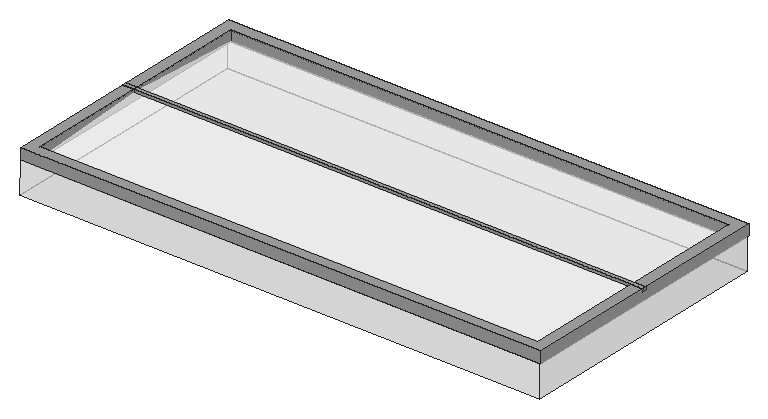
Revit family "VSY12", category Lighting Fixtures, host Face, Revit 2014
Parameters (values of type "VSY12")
  zz Length = Row Length - 1"  # 23"
  Width = 12"
  Wattage = 30 W
  Warranty = "Five-year warranty"  # constant formula
  built-in parameter 1150110 = 1 (stored number, unit not read)
  Voltage = 120 V
  Wattage Comments = "11-33W"  # constant formula
  URL = "https://www.hubbell.com/columbialighting/en/"
  built-in parameter 1114217 = 1 (stored number, unit not read)
  Tilt Angle = -90.00°
  built-in parameter 1150109 = 1 (stored number, unit not read)
  built-in parameter 1150134 = 3
  built-in parameter 1150113 = 1 (stored number, unit not read)
  Product Link = "https://www.hubbell.com/hubbelllightingci/en/Products/Lighting-Controls/Commercial-Indoor-Lighting/Recessed-Linear-Troffers/Versify-Architectural-Edge-Lit/p/3788218"
  Product Documentation Link = "https://hubbellcdn.com/specsheet/COL_VSY12_spec.pdf"
  Photometric Web File = "VSY12-30HLHE-EDU.ies"
  built-in parameter 1150142 = "IESNA:LM-63-1995\r\n[TEST] 23437\r\n[DATE] 6/6/2019\r\n[MANUFAC] COLUMBIA LIGHTING\r\n[LUMCAT] VSY12-30HLHE-EDU\r\n[LUMINAIRE] Versify™ Architectural Edge Lit, Recessed Architectural\r\n[MORE] 1' x 2' Led with acrylic diffuser\r\n[MORE] Data Scaled from Test# 19.00995\r\n[LAMPCAT] Led\r\n[BALLASTCAT] XI040C110V054BST1\r\n[BALLAST] EDU\r\n[_MOUNTING] Recessed\r\n[_BALLASTFACTOR] 1.00\r\n[_SHIELDING_ANGLE_0] 90\r\n[_SHIELDING_ANGLE_90] 90\r\nTILT=NONE\r\n1 -1 1.0 37 5 1 1 0.87 1.91 0.00\r\n1.00 1 26.50\r\n0.00 2.50 5.00 7.50 10.00 12.50 15.00 17.50 20.00 22.50 25.00 27.50 30.00 32.50\r\n35.00 37.50 40.00 42.50 45.00 47.50 50.00 52.50 55.00 57.50 60.00 62.50 65.00\r\n67.50 70.00 72.50 75.00 77.50 80.00 82.50 85.00 87.50 90.00\r\n0.00 22.50 45.00 67.50 90.00\r\n1336 1333 1329 1320 1308 1293 1275 1252 1226 1198 1165 1130 1092 1049 1005 960\r\n913 864 815 766 715 663 612 562 511 461 412 364 317 271 226 182 140 100 62 27 1\r\n1336 1333 1329 1320 1308 1293 1274 1252 1227 1198 1166 1131 1092 1051 1008 962\r\n915 867 817 768 717 665 613 562 511 460 409 359 311 264 218 173 131 90 52 18 0\r\n1336 1334 1330 1321 1309 1295 1277 1256 1231 1204 1173 1140 1102 1063 1020 975\r\n928 880 830 780 727 673 619 566 513 460 408 357 308 260 213 168 125 84 47 15 0\r\n1336 1335 1331 1323 1311 1297 1279 1258 1235 1209 1179 1146 1110 1071 1030 986\r\n939 890 839 787 734 680 625 569 515 461 408 355 305 256 208 162 119 78 39 12 0\r\n1336 1335 1331 1323 1312 1298 1280 1260 1236 1211 1182 1150 1116 1077 1037 993\r\n946 897 846 794 740 686 632 576 521 467 413 360 310 259 211 166 121 80 40 13 0\r\n"
  Model = "VSY12"  # constant formula
  Manufacturer = "Columbia Lighting"  # constant formula
  Row Length = 24"
  built-in parameter 1150105 = 334.23 (stored number, unit not read)
  Lumens = 4200 lm
  built-in parameter 1150115 = 1 (stored number, unit not read)
  Load Classification = Lighting
  built-in parameter 1150137 = (empty or 0)
  built-in parameter 1150139 = (empty or 0)
  built-in parameter 1150112 = 1 (stored number, unit not read)
  built-in parameter 1150114 = 1 (stored number, unit not read)
  Lamp = "LED lamp"  # constant formula
  Light Bulb = Hubbell - White Glass
  built-in parameter 1150132 = (empty or 0)
  built-in parameter 1150102 = (empty or 0)
  built-in parameter 1150107 = 3200 (stored number, unit not read)
  built-in parameter 1150138 = (empty or 0)
  built-in parameter 1150106 = 3.3423 (stored number, unit not read)
  Frame = Paint - Hubbell - Gray Smooth
  Features = "Architectural styling in an edge-lit luminaire\r\n• High efficiency acrylic lens featuring edge lit technology\r\n• Ideal for offices, schools, medical, and public spaces\r\n• Up to 140 lumens per watt\r\n• Stylish controls integration\r\n• 2inch overall depth, 2 1/4inch with emergency battery pack\r\n• Certified UL924 for fixtures with battery or DTS (Dimming Bypass\r\nModule) options"  # constant formula
  Emit from Rectangle Width = Width  # 12"
  Emit from Rectangle Length = Row Length  # 24"
  Emit Shape Visible in Rendering = no
  built-in parameter 1150104 = 13.006 (stored number, unit not read)
  Dimming Lamp Color Temperature Shift = <None>
  Description = "VERSIFY™ 1'X2' ARCHITECTURAL EDGE-LIT"  # constant formula
  Default Elevation = 48"
  Contact us = "https://www.hubbell.com/hubbelllightingci/en/contactUs"
  Color Filter = 16777215
  Certification = "IC label is standard for recessed products\r\n• All luminaires are built to UL1598 and\r\n2108 standards, and bear appropriate\r\ncCSAus labels\r\n• Damp Location label standard. Emergencyequipped fixtures labeled UL 924\r\n• Adheres to LM79, LM80, and TM21\r\nindustry standards"
  built-in parameter 1114218 = 1 (stored number, unit not read)
  Backbox = Hubbell - White
  built-in parameter 1150133 = 10 (stored number, unit not read)
  Apparent Load = 0 VA
Reference planes (in)
  plane 1 "Center (Front/Back)": y = 0.03999
  plane 2: z = 0
  plane 3 "Center (Left/Right)": x = 1.66944
  plane 4: x = -10.33056
  plane 5: x = 13.66944
  plane 6: z = -2
  plane 7: y = -5.96001
  plane 8: y = 6.03999
  plane 9: z = 0.125
Forms (in)
  Extrusion 1, void
    sketch origin (0, 0.03999, 0) x (1, 0, 0) y (0, 0, 1)
      loop
        line (-10.33056, 0) -> (-10.33056, -2) -> (13.66944, -2) -> (13.66944, 0) -> (-10.33056, 0)
    from -6 to 6
  Sweep 2, solid, material "Paint - Hubbell - Gray Smooth" <- "Frame"
    path origin (0, 0, 0) x (1, 0, 0) y (0, 1, 0)
      loop
        line (-10.33056, 6.03999) -> (-10.33056, -5.96001) -> (13.66944, -5.96001) -> (13.66944, 6.03999) -> (-10.33056, 6.03999)
    profile origin (1.66944, 6.03999, 0) x (0, 1, 0) y (0, 0, 1)
      loop
        line (0, 0) -> (-0.5, 0) -> (-0.5, -0.5) -> (0, -0.5) -> (0, 0)
  Sweep 3, solid, material "Paint - Hubbell - Gray Smooth" <- "Frame"
    path origin (0, 0, 0) x (1, 0, 0) y (0, 1, 0)
      loop
        line (-10.33056, 0.03999) -> (13.66944, 0.03999)
    profile origin (1.66944, 0.03999, 0) x (0, 1, 0) y (0, 0, 1)
      loop
        line (0.10955, 0) -> (-0.09422, 0) -> (-0.09422, -0.13468) -> (0.10955, -0.13468) -> (0.10955, 0)
  Extrusion 4, solid, material "Hubbell - White Glass" <- "Light Bulb"
    sketch origin (1.66944, 0, 0) x (0, 1, 0) y (0, 0, 1)
      loop
        line (6.03999, -2) -> (6.03999, -0.5) -> (0.14954, -0.13468) -> (-0.05423, -0.13468) -> (-5.96001, -0.5) -> (-5.96001, -2) -> (6.03999, -2)
    from -12 to 12
Dimensions and locks (in)
  equal spacing: plane 5, plane 3 "Center (Left/Right)", plane 4
  "Row Length": plane 5 to plane 4
  equal spacing: plane 7, plane 1 "Center (Front/Back)", plane 8
  "Width": plane 7 to plane 8
  plane 9 to plane 2 = 1/8"
  plane 9 to plane 6 = 2 1/8"
  plane 4 to plane 5 = 24"
  aligned and locked: plane 2 to host face
  aligned and locked: level to host face
  aligned and locked: Extrusion 1 sketch curve to level
  aligned and locked: plane 4 to Extrusion 1 sketch curve
  aligned and locked: Extrusion 1 sketch curve to plane 5
  aligned and locked: plane 6 to Extrusion 1 sketch curve
  aligned and locked: Extrusion 1 to plane 8
  aligned and locked: Extrusion 1 to plane 7
  aligned and locked: plane 8 to Sweep 2 sketch curve
  aligned and locked: plane 4 to Sweep 2 sketch curve
  aligned and locked: plane 7 to Sweep 2 sketch curve
  aligned and locked: Sweep 2 sketch curve to plane 5
  aligned and locked: Extrusion 4 to plane 4
  aligned and locked: plane 5 to Sweep 2
Automatic sketch dimensions
  host sketch curve to host sketch curve = 96"  (x2)
  Sweep 2 sketch curve to level = 0"
  Sweep 2 sketch curve to profile plane = 0"
  profile plane to Sweep 2 sketch curve = 1/2"
  Sweep 2 sketch curve to Sweep 2 sketch curve = 1/2"
  plane 1 "Center (Front/Back)" to Sweep 3 sketch curve = 0"
  Sweep 3 sketch curve to plane 4 = 0"
  Sweep 3 sketch curve to plane 5 = 0"
  Sweep 3 sketch curve to level = 0"
  profile plane to Sweep 3 sketch curve = 0.09422"
  Sweep 3 sketch curve to profile plane = 0.10955"
  Sweep 3 sketch curve to level = 0.13468"
  Extrusion 4 sketch curve to plane 7 = 0"
  Extrusion 4 sketch curve to plane 8 = 0"
  Extrusion 4 sketch curve to plane 6 = 0"
  plane 1 "Center (Front/Back)" to Extrusion 4 sketch curve = 0.09422"
  Extrusion 4 sketch curve to plane 1 "Center (Front/Back)" = 0.10955"
  Extrusion 4 sketch curve to level = 1/2"  (x2)
  Extrusion 4 sketch curve to level = 0.13468"
Connectors (in)
  electrical at (1.66944, 0.03999, -0.5)
    settings: on Sweep 2, index 1, voltage 0 V, apparent load 0 VA, apparent load phase1 0 VA, apparent load phase2 0 VA, apparent load phase3 0 VA, power factor 1, load classification "Other", number of poles 1, system type 30, power factor state 1, is connector primary yes, connector utility no, sub classification motor no, connector description "Lighting Connector"
